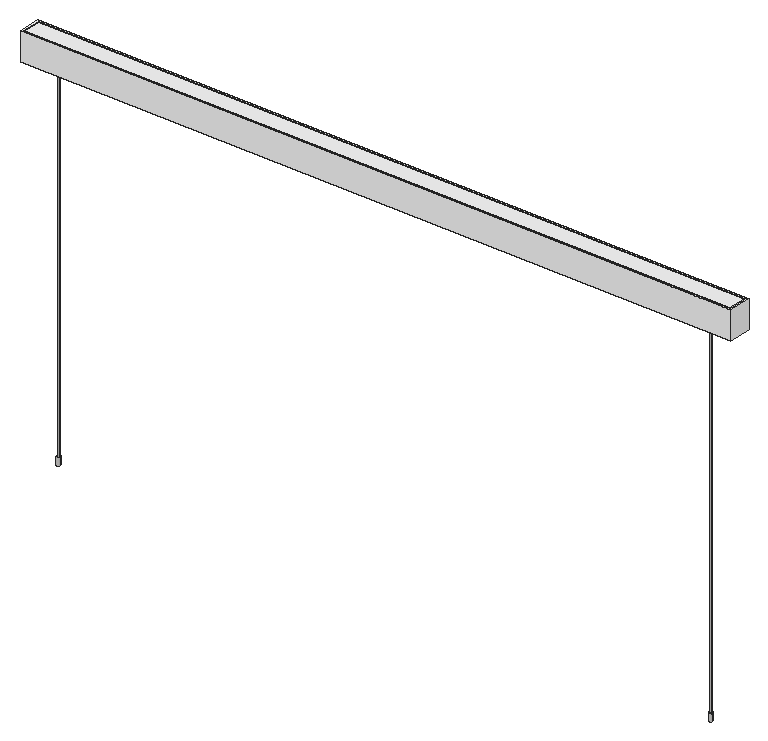
Revit family "Lighting-Pendant-Amerlux-Linea 1.5", category Lighting Fixtures, host Face, Revit 2012
Parameters (values of type "Remote Driver")
  Width = 0' - 1 1/2"
  Wattage = 9.2903 W
  built-in parameter 1150110 = 1 (stored number, unit not read)
  Voltage = 0 V
  URL = "http://www.amerlux.com/"
  built-in parameter 1114217 = 1 (stored number, unit not read)
  Tilt Angle = -90.00°
  built-in parameter 1150109 = 1 (stored number, unit not read)
  built-in parameter 1150134 = 3
  Suspension Length [instance] = 2' - 0"
  built-in parameter 1150113 = 1 (stored number, unit not read)
  Power Factor = 1
  Photometric Web File = ""
  Number of Poles = 1
  built-in parameter 1150142 = (empty or 0)
  Model = "Linea 1.5\""
  Manufacturer = "Amerlux"
  built-in parameter 1150105 = 109.82 (stored number, unit not read)
  Lumens = 1380 lm
  built-in parameter 1150115 = 1 (stored number, unit not read)
  built-in parameter 1150137 = (empty or 0)
  built-in parameter 1150139 = (empty or 0)
  Length = 4' - 0"
  built-in parameter 1150112 = 1 (stored number, unit not read)
  built-in parameter 1150114 = 1 (stored number, unit not read)
  Lamp = ""
  built-in parameter 1150132 = (empty or 0)
  built-in parameter 1150102 = (empty or 0)
  built-in parameter 1150107 = 3200 (stored number, unit not read)
  built-in parameter 1150138 = (empty or 0)
  built-in parameter 1150106 = 1.0982 (stored number, unit not read)
  IES File Link = "http://www.amerlux.com/products/LIN15-I#"
  Height = 0' - 1 7/8"
  Emit from Rectangle Width = Width  # 0' - 1 1/2"
  Emit from Rectangle Length = Length  # 4' - 0"
  Emit Shape Visible in Rendering = yes
  built-in parameter 1150104 = 13.8 (stored number, unit not read)
  Dimming Lamp Color Temperature Shift = <None>
  Description = "Linear Pendant"
  Default Elevation = 4' - 0"
  Color Filter = 16777215
  built-in parameter 1114218 = 1 (stored number, unit not read)
  built-in parameter 1150133 = 10 (stored number, unit not read)
  Apparent Load = 0 VA
Types (5): name | IES File Link | Height
  (no name) | "http://www.amerlux.com/products/LIN15-I#" | 0' - 1 7/8"
  Direct/Indirect | "http://www.amerlux.com/products/LIN15-DI#" | 0' - 3 1/4"
  Direct | "http://www.amerlux.com/products/LIN15-D#" | 0' - 3 1/4"
  Indirect | "http://www.amerlux.com/products/LIN15-I#" | 0' - 3 1/4"
  Remote Driver | "http://www.amerlux.com/products/LIN15-I#" | 0' - 1 7/8"
Reference planes (in)
  plane 1 "Center (Front/Back)": y = 0
  plane 2: z = 0
  plane 3 "Center (Left/Right)": x = 0
  plane 4: x = 23.9239
Forms (in)
  Extrusion 1, solid, material "Metal - White"
    sketch origin (0, 0, 0) x (1, 0, 0) y (0, 1, 0)
      loop
        line (-24, 0.75) -> (-24, -0.75) -> (24, -0.75) -> (24, 0.75) -> (-24, 0.75)
    from 24 to 25.875
  Extrusion 2, void
    sketch origin (0, 0, 0) x (1, 0, 0) y (0, 1, 0)
      loop
        line (-23.875, 0.625) -> (-23.875, -0.625) -> (23.875, -0.625) -> (23.875, 0.625) -> (-23.875, 0.625)
    from 0 to 25.875
  Extrusion 3, solid, material "Glass - Lens"
    sketch origin (0, 0, 0) x (1, 0, 0) y (0, 1, 0)
      loop
        line (23.875, 0.625) -> (-23.875, 0.625) -> (-23.875, -0.625) -> (23.875, -0.625) -> (23.875, 0.625)
    from 25.80045 to 25.875
  Extrusion 4, solid, material "Metal - Cables"
    sketch origin (0, 0, 0) x (1, 0, 0) y (0, 1, 0)
      loop
        circle (22.07214, 0) r 0.0436
      loop
        circle (-22.00651, 0) r 0.0436
    from 0 to 24
  Extrusion 5, solid, material "Metal - Cables"
    sketch origin (0, 0, 0) x (1, 0, 0) y (0, 1, 0)
      loop
        circle (-22.00767, 0) r 0.12607
      loop
        circle (22.07246, 0) r 0.12518
    from 0 to 0.47393
Cuts and joins
  Extrusion 2 cuts Extrusion 1
Lines and regions (in)
  Masking region 1
    outline origin (0, 0, 0) x (1, 0, 0) y (0, 1, 0)
      loop
        line (-24, 0.75) -> (-24, -0.75) -> (24, -0.75) -> (24, 0.75) -> (-24, 0.75)
Dimensions and locks (in)
  equal spacing: Extrusion 1 sketch curve, plane 3 "Center (Left/Right)", Extrusion 1 sketch curve
  "Height": cut or joined group of Extrusion 1, Extrusion 2 to cut or joined group of Extrusion 1, Extrusion 2
  equal spacing: Extrusion 1 sketch curve, plane 1 "Center (Front/Back)", Extrusion 1 sketch curve
  "Width": Extrusion 1 sketch curve to Extrusion 1 sketch curve
  locked: cut or joined group of Extrusion 1, Extrusion 2 to Extrusion 3 sketch curve at 0.125  (x2)
  locked: Extrusion 3 sketch curve to cut or joined group of Extrusion 1, Extrusion 2 at 0.125  (x2)
  "Suspension Length": host face to cut or joined group of Extrusion 1, Extrusion 2
  locked: cut or joined group of Extrusion 1, Extrusion 2 to Extrusion 3 at 0.07455
  Extrusion 4 sketch curve to Extrusion 3 = 0' - 1.84646"
  "Length": Extrusion 1 sketch curve to Extrusion 1 sketch curve
  locked: Extrusion 5 sketch curve to cut or joined group of Extrusion 1, Extrusion 2 at 2.05273
  locked: cut or joined group of Extrusion 1, Extrusion 2 to Extrusion 5 sketch curve at 1.86626
  locked: cut or joined group of Extrusion 1, Extrusion 2 to Extrusion 4 sketch curve at 1.94989
  locked: Extrusion 4 sketch curve to cut or joined group of Extrusion 1, Extrusion 2 at 1.97146
  radius of Extrusion 5 sketch curve = 0' - 0.12518"
  radius of Extrusion 5 sketch curve = 0' - 0.12607"
  radius of Extrusion 4 sketch curve = 0' - 0.0436"  (x2)
  aligned and locked: plane 2 to host face
  aligned and locked: level to host face
  aligned and locked: Extrusion 2 to level
  aligned and locked: Extrusion 1 to Extrusion 2
  aligned and locked: cut or joined group of Extrusion 1, Extrusion 2 to Extrusion 3
  aligned and locked: Extrusion 2 sketch curve to Extrusion 3  (x4)
  aligned and locked: Extrusion 4 to cut or joined group of Extrusion 1, Extrusion 2
  aligned and locked: Extrusion 4 to level
  aligned and locked: cut or joined group of Extrusion 1, Extrusion 2 to imposter light
  aligned and locked: Masking region 1 sketch curve to cut or joined group of Extrusion 1, Extrusion 2  (x4)
Automatic sketch dimensions
  host sketch curve to host sketch curve = 8' - 0"  (x2)
  plane 1 "Center (Front/Back)" to Extrusion 5 sketch curve = 0' - 0"  (x2)
  plane 1 "Center (Front/Back)" to Extrusion 4 sketch curve = 0' - 0"  (x2)
Connectors (in)
  electrical at (24, 0, 24.9375), driven by "Number of Poles", driven by "Voltage", driven by "Apparent Load", driven by "Power Factor"
    settings: on cut or joined group of Extrusion 1, Extrusion 2, index 1, voltage 0 V, apparent load 0 VA, apparent load phase1 0 VA, apparent load phase2 0 VA, apparent load phase3 0 VA, power factor 1, load classification "Other", number of poles 1, system type 31, power factor state 1, is connector primary yes, connector utility yes, sub classification motor no, connector description "Power"
